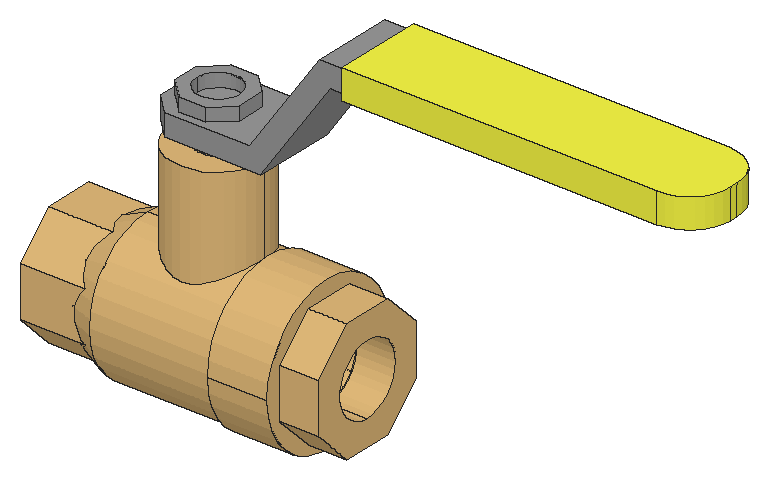
Revit family "410A-Ball-Valve", category Pipe Accessories, Revit 2018
Family settings
  Round Connector Dimension = Use Diameter
  Part Type = Valve - Breaks Into
  OmniClass Number = 23.60.30.11.14
  OmniClass Title = Pipework Fittings
  Work Plane-Based = No
  Always vertical = Yes
  Cut with Voids When Loaded = No
  Shared = No
Parameters
  Weight [instance] = size_lookup(LookupTable, "Weight", "NA", Nominal Diameter)  # "0.73 lbs."
  URL = "http://www.fnw.com"
  Standards Lookup Table = "Standards"  # constant formula
  Product ID [instance] = size_lookup(LookupTable, "ProductID", "NA", Nominal Diameter)  # "4106091"
  Pipe Diameter [instance] = size_lookup(Standards Lookup Table, "pipe_dia", 0", Nominal Diameter)  # 0.54"
  Part Number [instance] = size_lookup(LookupTable, "PartNumber", "NA", Nominal Diameter)  # "FNW200AB"
  PIpe Radius [instance] = Pipe Diameter / 2  # 0.27"
  NPT Insert [instance] = size_lookup(Standards Lookup Table, "NPT_insert", 0", Nominal Diameter)  # 0.4018"
  Manufacturer = "FNW"  # constant formula
  Description BOM [instance] = size_lookup(LookupTable, "Description_BOM", "NA", Nominal Diameter)  # "1/4 Stainless Steel 1000# Threaded 2 Piece Full Port BV"
  1_Z2 [instance] = size_lookup(LookupTable, "1_Z2", 0", Nominal Diameter)  # 0.1644"
  1_Z1 [instance] = size_lookup(LookupTable, "1_Z1", 0", Nominal Diameter)  # 0.7754"
  Z3 [instance] = size_lookup(LookupTable, "Z3", 0", Nominal Diameter)  # 13/128"
  Z2 [instance] = size_lookup(LookupTable, "Z2", 0", Nominal Diameter)  # 1.3402"
  Z1 [instance] = size_lookup(LookupTable, "Z1", 0", Nominal Diameter)  # 1.2152"
  1_Y1 [instance] = size_lookup(LookupTable, "1_Y1", 0", Nominal Diameter)  # 5/8"
  1_X4 [instance] = size_lookup(LookupTable, "1_X4", 0", Nominal Diameter)  # 5/16"
  1_X1 [instance] = size_lookup(LookupTable, "1_X1", 0", Nominal Diameter)  # 57/64"
  1_X3 [instance] = size_lookup(LookupTable, "1_X3", 0", Nominal Diameter)  # 3.94"
  X7 [instance] = size_lookup(LookupTable, "X7", 0", Nominal Diameter)  # 1.14"
  X5 [instance] = size_lookup(LookupTable, "X5", 0", Nominal Diameter)  # 0.30135"
  X4 [instance] = size_lookup(LookupTable, "X4", 0", Nominal Diameter)  # 0.456"
  X3 [instance] = size_lookup(LookupTable, "X3", 0", Nominal Diameter)  # 0.92085"
  X2 [instance] = size_lookup(LookupTable, "X2", 0", Nominal Diameter)  # 0.2"
  1_X2 [instance] = size_lookup(LookupTable, "1_X2", 0", Nominal Diameter)  # 57/128"
  X1 [instance] = size_lookup(LookupTable, "X1", 0", Nominal Diameter)  # 0.4018"
  Show Lever Clearance [instance] = no
  R3 [instance] = size_lookup(LookupTable, "R3", 0", Nominal Diameter)  # 0.58125"
  R2 [instance] = size_lookup(LookupTable, "R2", 0", Nominal Diameter)  # 0.558"
  R1_Diam [instance] = R1 * 2  # 0.93"
  R1 [instance] = size_lookup(LookupTable, "R1", 0", Nominal Diameter)  # 0.465"
  Nominal Radius [instance] = Nominal Diameter / 2  # 1/8"
  Nominal Diameter [instance] = 1/4"
  LookupTable = "valve-ball-threaded-2P-std-lever"  # constant formula
  HexAngle1 [instance] = 135.00°
  D3 [instance] = size_lookup(LookupTable, "D3", 0", Nominal Diameter)  # 1/2"
  D2 [instance] = size_lookup(LookupTable, "D2", 0", Nominal Diameter)  # 5/16"
  D1 [instance] = size_lookup(LookupTable, "D1", 0", Nominal Diameter)  # 0.7125"
Reference planes (in)
  plane 1 "Center (Front/Back)": y = 0
  plane 2: z = 0
  plane 3 "Center (Left/Right)": x = 0
  plane 4 "X7 End": x = -1.14
  plane 5 "D1 Top": z = 1.2152
  plane 6 "D2 Top": z = 1.3402
  plane 7: x = -0.7382
  plane 8: x = -0.5382
  plane 9: x = 0.38265
  plane 10 "Face EXT": x = 0.83865
  plane 11: x = 1.14
  plane 12 "R3 Top": z = 0.58125
  plane 13 "R2 Top": z = 0.558
  plane 14 "R1 Top": z = 0.465
  plane 15: x = 1.14
  plane 16 "Pipe radius": z = 0.27
  plane 17 "NPT": x = -0.7382
  plane 18 "NPT 2": x = 0.7382
Forms (in)
  Extrusion 1, solid, material "Brass"
    sketch origin (0, 0, 0) x (1, 0, 0) y (0, 1, 0)
      loop
        circle (0, 0) r 0.15625
    from 1.2152 to 1.3402
  Revolve 2, solid, material "Brass"
    sketch origin (0, 0, 0) x (1, 0, 0) y (0, 0, 1)
      loop
        line (-0.7382, 0.465) -> (-0.7382, 0.27) -> (0.38265, 0.27) -> (0.38265, 0.558) -> (-0.5382, 0.558) -> (-0.7382, 0.465)
      axis (0.38265, 0) -> (-0.7382, 0)
    angle from 0 to 360
  Sweep 3, solid, material "Brass"
    path origin (0, 0, 0) x (1, 0, 0) y (0, 0, 1)
      loop
        line (-1.14, 0) -> (1.14, 0)
    profile origin (0, 0, 0) x (0, 0, 1) y (0, -1, 0)
      loop
        circle (0, 0) r 0.27
      loop
        line (0.19261, 0.465) -> (-0.19261, 0.465) -> (-0.465, 0.19261) -> (-0.465, -0.19261) -> (-0.19261, -0.465) -> (0.19261, -0.465) -> (0.465, -0.19261) -> (0.465, 0.19261) -> (0.19261, 0.465)
  Extrusion 4, solid, material "Brass"
    sketch origin (0, 0, 0) x (0, 1, 0) y (0, 0, 1)
      loop
        circle (0, 0) r 0.58125
      loop
        circle (0, 0) r 0.27
    from 0.38265 to 0.83865
  Extrusion 5, solid, material "Brass"
    sketch origin (0, 0, 0.27) x (-1, 0, 0) y (0, -1, 0)
      loop
        circle (0, 0) r 0.35625
    from 0 to 0.9452
  Extrusion 6, solid, material "Brass", not visible
    sketch origin (-0.7382, 0, 0) x (0, 0, 1) y (0, -1, 0)
      loop
        circle (0, 0) r 0.125
    from 0 to 1.4764
Dimensions and locks (in)
  "X7": plane 4 "X7 End" to plane 3 "Center (Left/Right)"
  "Z1": plane 5 "D1 Top" to plane 2
  "Z2": plane 6 "D2 Top" to plane 2
  "X1": plane 4 "X7 End" to plane 7
  "X2": plane 8 to plane 7
  "X3": plane 9 to plane 8
  "X4": plane 10 "Face EXT" to plane 9
  "X5": plane 11 to plane 10 "Face EXT"
  "R3": plane 12 "R3 Top" to plane 2
  "R2": plane 13 "R2 Top" to plane 2
  "R1": plane 14 "R1 Top" to plane 2
  "PIpe Radius": Revolve 2 sketch curve to plane 2
  equal spacing: Sweep 3 sketch curve, plane 1 "Center (Front/Back)", Sweep 3 sketch curve  (x4)
  "R1_Diam": Sweep 3 sketch curve to Sweep 3 sketch curve  (x4)
  Sweep 3 to Sweep 3 = 0.93"  (x5)
  "R1_Diam": Sweep 3 to Sweep 3  (x4)
  "PIpe Radius": plane 16 "Pipe radius" to plane 2
  "NPT Insert": plane 4 "X7 End" to plane 17 "NPT"
  "NPT Insert": plane 11 to plane 18 "NPT 2"
  "D2": diameter of Extrusion 1 sketch curve
  "R3": radius of Extrusion 4 sketch curve
  "PIpe Radius": radius of Extrusion 4 sketch curve
  "PIpe Radius": radius of Sweep 3 sketch curve
  radius of Sweep 3 sketch curve = 0.27"
  "D1": diameter of Extrusion 5 sketch curve
  "Nominal Radius": radius of Extrusion 6 sketch curve
  angle Sweep 3 sketch curve to Sweep 3 sketch curve = 135.00°  (x6)
  angle Sweep 3 to Sweep 3 = 135.00°  (x6)
  aligned and locked: plane 2 to level
  aligned and locked: Extrusion 1 to plane 5 "D1 Top"
  aligned and locked: plane 6 "D2 Top" to Extrusion 1
  aligned and locked: Revolve 2 sketch curve to plane 13 "R2 Top"
  aligned and locked: plane 7 to Revolve 2 sketch curve
  aligned and locked: Extrusion 4 to plane 9
  aligned and locked: plane 10 "Face EXT" to Extrusion 4
  aligned and locked: Sweep 3 sketch curve to level
  aligned and locked: plane 5 "D1 Top" to Extrusion 5
  aligned and locked: plane 18 "NPT 2" to Extrusion 6
Automatic sketch dimensions
  plane 4 "X7 End" to Sweep 3 sketch curve = 0"
  Sweep 3 sketch curve to plane 11 = 0"
  plane 1 "Center (Front/Back)" to Extrusion 1 sketch curve = 0"
  Extrusion 1 sketch curve to plane 3 "Center (Left/Right)" = 0"
  Revolve 2 sketch curve to level = 0"
  Revolve 2 sketch curve to plane 8 = 0"
  Revolve 2 sketch curve to plane 9 = 0"
  Revolve 2 sketch curve to plane 14 "R1 Top" = 0"
  plane 4 "X7 End" to Revolve 2 sketch curve = 1.81248"
  plane 11 to Revolve 2 sketch curve = 4.72422"
  Sweep 3 sketch curve to plane 1 "Center (Front/Back)" = 0"
  profile plane to Sweep 3 sketch curve = 0"
  Extrusion 4 sketch curve to Extrusion 4 sketch curve = 0"  (x2)
  Extrusion 4 sketch curve to level = 0"
  Extrusion 4 sketch curve to plane 1 "Center (Front/Back)" = 0"
  plane 1 "Center (Front/Back)" to Extrusion 5 sketch curve = 0"
  Extrusion 5 sketch curve to plane 3 "Center (Left/Right)" = 0"
  Extrusion 6 sketch curve to level = 0"
  Extrusion 6 sketch curve to plane 1 "Center (Front/Back)" = 0"
Nested families (in)
  nested 1: "Nested Lever - Yellow - 410A" at (0, 0, 1.3402), D3 <- "D3", 1_X1 <- "1_X1", 1_X2 <- "1_X2", 1_X3 <- "1_X3", 1_X4 <- "1_X4", 1_Y1 <- "1_Y1", 1_Z1 <- "1_Z1", 1_Z2 <- "1_Z2", Show Lever Clearance <- "Show Lever Clearance", Z3 <- "Z3", type "Nested Lever - Yellow - 410A"
    with Z3 13/128", Void_Outer_Radius 3/8", Void_Outer 3/4", Show Lever Clearance no, Grip_L3 0.2269", Grip_L2 0.19565", Grip_L1 1/32", D3_Half 0.16667", D3 1/2", Clearance Hieght 6", Angle Hex Head 135.00°, 1_Z2 0.1644", 1_Z1 0.7754", 1_Y1_Half 5/16", 1_Y1 5/8", 1_X4 5/16", 1_X3_and_1__Y1_Half 4.2525", 1_X3 3.94", 1_X2 57/128", 1_X1 57/64"
Connectors (in)
  piping at (-0.7382, 0, 0), diameter 0.25, driven by "Nominal Diameter"
    settings: on Extrusion 6, index 1, connector inside diameter 24", connector length 0", flow factor 0, pipe flow 0 GPM, pressure drop 0.00 psi, fitting loss kfactor 0, connector angle 0.00°, fixture units 0, engagement length 0", angle of deflection 0.00°, flow configuration 0, flow direction 0, fitting loss method 0, system type 7, joint type 0, gender type 0, connector reference index 2, connector utility 0, adjustable connector no, is connector primary yes, connector description ""
  piping at (0.7382, 0, 0), diameter 0.25, driven by "Nominal Diameter"
    settings: on Extrusion 6, index 2, connector inside diameter 24", connector length 0", flow factor 0, pipe flow 0 GPM, pressure drop 0.00 psi, fitting loss kfactor 0, connector angle 0.00°, fixture units 0, engagement length 0", angle of deflection 0.00°, flow configuration 0, flow direction 0, fitting loss method 0, system type 7, joint type 0, gender type 0, connector reference index 1, connector utility 0, adjustable connector no, is connector primary no, connector description ""
Definition of nested family "Nested Lever - Yellow - 410A"
  Parameters (values of type "Nested Lever")
    Z3 [instance] = 1/8"
    Angle 2 = 45.00°
    1_Z2 [instance] = 1/8"
    1_Z1 [instance] = 1 1/4"
    1_Y1_Half [instance] = [1_Y1] / 2  # 1"
    1_Y1 [instance] = 2"
    1_X1 [instance] = 2 1/2"
    1_X3_and_1__Y1_Half [instance] = [1_X3] + [1_Y1_Half]  # 13.66198"
    1_X3 [instance] = 12.66198"
    1_X2 [instance] = 1 1/2"
    Void_Outer_Radius [instance] = Void_Outer / 2  # 1 1/16"
    Void_Outer [instance] = [1_Y1] + Grip_L1 * 4  # 2 1/8"
    Show Lever Clearance [instance] = yes
    Grip_L3 [instance] = Grip_L1 + Grip_L2  # 3/16"
    Grip_L1 [instance] = 1/32"  # constant formula
    Grip_L2 [instance] = [1_Z2] + Grip_L1  # 5/32"
    Default Elevation = 48"
    D3_Half [instance] = D3 / 3  # 0.23251"
    D3 [instance] = 0.69752"
    Clearance Hieght [instance] = 6"  # constant formula
    Angle Hex Head [instance] = 135.00°
    1_X4 [instance] = 0"
  Reference planes (in)
    plane 1 "Center (Front/Back)": y = 0
    plane 2: z = 0
    plane 3 "Center (Left/Right)": x = 0
    plane 4: z = 0.125
    plane 5: x = -1
    plane 6: x = 12.66198
    plane 7: y = 1
    plane 8: y = -1
    plane 9: x = 1.5
    plane 10: x = 3
    plane 11: z = 1.375
    plane 12: z = 1.25
    plane 13: z = 0.25
    plane 14: z = 1.40625
    plane 15: z = 1.21875
    plane 16: x = 3.15625
    plane 17: y = 1.03125
    plane 18: y = -1.03125
  Forms (in)
    Extrusion 1, solid
      sketch origin (0, 0, 0) x (1, 0, 0) y (0, 1, 0)
        loop
          line (-48, 48) -> (-48, -48) -> (48, -48) -> (48, 48) -> (-48, 48)
      from 0 to -12
    Extrusion 2, solid
      sketch origin (0, 0, 0) x (1, 0, 0) y (0, 0, 1)
        loop
          line (1.30132, 0) -> (1.5, 0) -> (3.04425, 1.25) -> (4.15625, 1.25) -> (4.15625, 1.375) -> (3, 1.375) -> (1.30132, 0)
      from -1 to 1
    Extrusion 3, solid
      sketch origin (0, 0, 0) x (1, 0, 0) y (0, 1, 0)
        loop
          line (0.34876, 0.14446) -> (0.14446, 0.34876) -> (-0.14446, 0.34876) -> (-0.34876, 0.14446) -> (-0.34876, -0.14446) -> (-0.14446, -0.34876) -> (0.14446, -0.34876) -> (0.34876, -0.14446) -> (0.34876, 0.14446)
        loop
          circle (0, 0) r 0.23251
      from 0.125 to 0.25
    Extrusion 4, solid
      sketch origin (0, 0, 0) x (1, 0, 0) y (0, 1, 0)
        loop
          line (11.66198, 1.03125) -> (3.15625, 1.03125) -> (3.15625, -1.03125) -> (11.66198, -1.03125)
          arc (11.66198, -1.03125) -> (12.36908, -0.73836) -> (12.66198, -0.03125) r 1
          line (12.66198, -0.03125) -> (12.66198, 0.03125)
          arc (12.66198, 0.03125) -> (12.36908, 0.73836) -> (11.66198, 1.03125) r 1
      from 1.21875 to 1.40625
    Extrusion 5, solid, visible <- "Show Lever Clearance"
      sketch origin (0, 0, 0) x (1, 0, 0) y (0, 1, 0)
        loop
          line (-1, 1) -> (-1, -12.66198)
          arc (-1, -12.66198) -> (8.66048, -8.66048) -> (12.66198, 1) r 13.66198
          line (12.66198, 1) -> (-1, 1)
      from 0 to 6 <- "Clearance Hieght"
    Extrusion 6, solid
      sketch origin (0, 0, 0) x (1, 0, 0) y (0, 1, 0)
        loop
          line (1.5, -1) -> (1.5, 1) -> (-0.5, 1) -> (-1, 0.5) -> (-1, -0.5) -> (-0.5, -1) -> (1.5, -1)
      from 0 to 0.125
  Cuts and joins
    joined: Extrusion 2, Extrusion 6
  Lines and regions (in)
    reference lines
      curve 1: line (0, 0, 3.375) -> (0, 0, -1.625)
  Dimensions and locks (in)
    "1_Z2": plane 4 to plane 2
    "1_Y1_Half": plane 3 "Center (Left/Right)" to plane 5
    "1_X3": plane 6 to plane 3 "Center (Left/Right)"
    equal spacing: plane 7, plane 1 "Center (Front/Back)", plane 8
    "1_Y1": plane 7 to plane 8
    "1_X1": plane 9 to plane 5
    "1_X2": plane 10 to plane 9
    "1_Z1": plane 11 to plane 4
    "1_Z2": plane 11 to plane 12
    equal spacing: Extrusion 3 sketch curve, curve 1, Extrusion 3 sketch curve  (x4)
    "D3": Extrusion 3 sketch curve to Extrusion 3 sketch curve  (x4)
    "Z3": plane 13 to plane 4
    "Grip_L1": plane 14 to plane 11
    "Grip_L2": plane 11 to plane 15
    "Grip_L2": plane 16 to plane 10
    "Grip_L1": plane 8 to plane 18
    "Grip_L1": plane 17 to plane 7
    "1_Y1_Half": plane 16 to Extrusion 2
    "1_X3_and_1__Y1_Half": Extrusion 5 sketch curve to Extrusion 5 sketch curve  (x2)
    equal spacing: Extrusion 6 sketch curve, plane 1 "Center (Front/Back)", Extrusion 6 sketch curve
    "1_Y1_Half": Extrusion 6 sketch curve to Extrusion 6 sketch curve
    "1_Z2": Extrusion 2 sketch curve to Extrusion 2 sketch curve
    "D3_Half": radius of Extrusion 3 sketch curve
    "1_Y1_Half": radius of Extrusion 4 sketch curve  (x2)
    "1_X3_and_1__Y1_Half": radius of Extrusion 5 sketch curve
    "Angle Hex Head": angle Extrusion 3 sketch curve to Extrusion 3 sketch curve  (x6)
    "Angle 2": angle plane 5 to Extrusion 6 sketch curve
    "Angle 2": angle Extrusion 6 sketch curve to plane 5
    aligned and locked: plane 2 to Extrusion 1
    aligned and locked: level to Extrusion 1
    aligned and locked: plane 10 to Extrusion 2 sketch curve
    aligned and locked: plane 12 to Extrusion 2 sketch curve
    aligned and locked: plane 11 to Extrusion 2 sketch curve
    aligned and locked: curve 1 to plane 3 "Center (Left/Right)"
    aligned and locked: plane 4 to Extrusion 3
    aligned and locked: Extrusion 3 to plane 13
    aligned and locked: Extrusion 4 sketch curve to plane 16
    aligned and locked: Extrusion 4 sketch curve to plane 18
    aligned and locked: plane 17 to Extrusion 4 sketch curve
    aligned and locked: Extrusion 4 to plane 15
    aligned and locked: Extrusion 4 to plane 14
    aligned and locked: Extrusion 2 to plane 8
    aligned and locked: plane 7 to Extrusion 2
    aligned and locked: plane 9 to Extrusion 6 sketch curve
    aligned and locked: Extrusion 6 sketch curve to plane 5
    aligned and locked: Extrusion 6 to plane 4
  Automatic sketch dimensions
    Extrusion 1 sketch curve to Extrusion 1 sketch curve = 96"  (x2)
    curve 1 to level = 1 5/8"
    curve 1 to plane 11 = 2"
    Extrusion 2 sketch curve to level = 0"
    Extrusion 2 sketch curve to plane 9 = 0"
    plane 16 to Extrusion 2 sketch curve = 1"
    plane 1 "Center (Front/Back)" to Extrusion 3 sketch curve = 0"
    Extrusion 3 sketch curve to plane 3 "Center (Left/Right)" = 0"
    Extrusion 4 sketch curve to plane 6 = 0"
    Extrusion 5 sketch curve to plane 5 = 0"
    Extrusion 5 sketch curve to plane 7 = 0"
    Extrusion 6 sketch curve to plane 8 = 0"
    Extrusion 6 sketch curve to plane 7 = 0"
